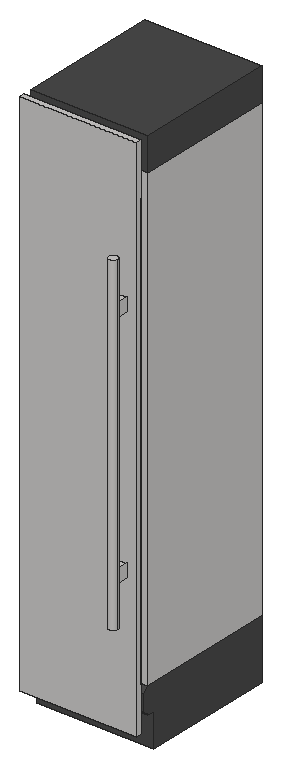
Revit family "M_Refrigerador", category Equipamento especial, Revit 2019
Family settings
  Cota do conector redondo = Utilizar diâmetro
  Tipo de parte = Normal
  Número OmniClass = 23.40.40.14
  Título OmniClass = Food Service Equipment
  Com base no plano de trabalho = Não
  Sempre na vertical = Sim
  Corte com vazios quando carregada = Não
  Compartilhado = Não
  Ponto de cálculo do ambiente = Não
Parameters (values of type "450mm LH")
  Largura = 450 mm
  Deslocamento de parede = 100 mm
  Voltagem = 120 V
  URL = ""
  Type Comments = ""
  Mostrar legenda = yes
  RH = no
  Consumo de energia = 1000 VA
  Model = ""
  Acabamento mecânico = Eletrodoméstico – Aço – Preto
  Manufacturer = ""
  Legenda = "Refrigerador"
  LH = not(RH)  # yes
  Keynote = ""
  Junta = Eletrodoméstico – Junta
  Altura = 2150 mm
  Linha de centro do puxador = if(RH, 50 mm, (Largura - 50 mm))  # 400 mm
  Descrição = "Refrigerador"
  Linear = 600 mm
  Custo = 0
  Código de montagem = "E1090320"
  Acabamento do eletrodoméstico = Eletrodoméstico – Aço inoxidável
  Amperagem = Consumo de energia / Voltagem  # 8.33333 A
Reference planes
  plane 1 "Parte posterior": y = 0
  plane 2: z = 0
  plane 3 "Centro (Esquerda/Direita)": x = 0
  plane 4 "Esquerda": x = -225
  plane 5 "Direita": x = 225
  plane 6: y = -100
  plane 7 "Parte frontal": y = -700
  plane 8 "Traseira da porta": y = -649.2
  plane 9 "Superior": z = 2150
  plane 10 "Porta B.O.": z = 101.6
  plane 11: z = 2023
  plane 12: x = 175
  plane 13: z = 1756.3
  plane 14: z = 482.6
  plane 15 "Porta interior inferior": z = 254
Forms (mm)
  Extrusion 1, solid, material "Eletrodoméstico – Aço inoxidável" <- "Acabamento do eletrodoméstico"
    sketch origin (0, 0, 0) x (1, 0, 0) y (0, 1, 0)
      loop
        line (-225, -100) -> (-225, -649.2) -> (225, -649.2) -> (225, -100) -> (-225, -100)
    from 254 to 2023
  Extrusion 2, solid, material "Eletrodoméstico – Aço inoxidável" <- "Acabamento do eletrodoméstico", detail levels fine
    sketch origin (0, -700, 0) x (-1, 0, 0) y (0, 0, 1)
      loop
        line (-165.475, 1603.9) -> (-184.525, 1603.9) -> (-184.525, 1553.1) -> (-165.475, 1553.1) -> (-165.475, 1603.9)
      loop
        line (-165.475, 685.8) -> (-184.525, 685.8) -> (-184.525, 635) -> (-165.475, 635) -> (-165.475, 685.8)
    from -42.559 to 0
  Extrusion 3, solid, material "Eletrodoméstico – Aço inoxidável" <- "Acabamento do eletrodoméstico", detail levels fine
    sketch origin (0, 0, 0) x (1, 0, 0) y (0, 1, 0)
      loop
        circle (175, -751.174) r 15.875
    from 482.6 to 1756.3
  Extrusion 4, solid, material "Eletrodoméstico – Aço inoxidável" <- "Acabamento do eletrodoméstico"
    sketch origin (0, -700, 0) x (-1, 0, 0) y (0, 0, 1)
      loop
        line (225, 2150) -> (-225, 2150) -> (-225, 101.6) -> (225, 101.6) -> (225, 2150)
    from 0 to 19.05
  Extrusion 5, solid, material "Eletrodoméstico – Aço – Preto" <- "Acabamento mecânico"
    sketch origin (0, 0, 0) x (0, 1, 0) y (0, 0, 1)
      loop
        line (-100, 254) -> (-649.2, 254) -> (-668.25, 234.95) -> (-668.25, 174.625) -> (-646.025, 152.4) -> (-617.45, 152.4) -> (-617.45, 25.4) -> (-100, 25.4) -> (-100, 254)
      loop
        line (-100, 2150) -> (-649.2, 2150) -> (-649.2, 2023) -> (-100, 2023) -> (-100, 2150)
    from -225 to 225
  Extrusion 6, solid, material "Eletrodoméstico – Junta" <- "Junta"
    sketch origin (0, 0, 254) x (-1, 0, 0) y (0, -1, 0)
      loop
        line (212.3, 680.95) -> (-212.3, 680.95) -> (-212.3, 676.188)
        arc (-212.3, 676.188) -> (-211.835, 675.065) -> (-210.713, 674.6) r 1.587
        line (-210.713, 674.6) -> (-207.538, 674.6)
        arc (-207.538, 674.6) -> (-206.415, 674.135) -> (-205.95, 673.013) r 1.587
        line (-205.95, 673.013) -> (-205.95, 657.138)
        arc (-205.95, 657.138) -> (-205.485, 656.015) -> (-204.363, 655.55) r 1.587
        line (-204.363, 655.55) -> (-199.6, 655.55)
        arc (-199.6, 655.55) -> (-202.775, 652.375) -> (-199.6, 649.2) r 3.175
        line (-199.6, 649.2) -> (199.6, 649.2)
        arc (199.6, 649.2) -> (202.775, 652.375) -> (199.6, 655.55) r 3.175
        line (199.6, 655.55) -> (204.362, 655.55)
        arc (204.362, 655.55) -> (205.485, 656.015) -> (205.95, 657.138) r 1.587
        line (205.95, 657.138) -> (205.95, 673.013)
        arc (205.95, 673.013) -> (206.415, 674.135) -> (207.537, 674.6) r 1.587
        line (207.537, 674.6) -> (210.712, 674.6)
        arc (210.712, 674.6) -> (211.835, 675.065) -> (212.3, 676.188) r 1.587
        line (212.3, 676.188) -> (212.3, 680.95)
    from 0 to 1769
Cuts and joins
  joined: Extrusion 2, Extrusion 3
Lines and regions (mm)
  Split face 1
    outline origin (-225, -100, 0) x (1, 0, 0) y (0, 0, -1)
      loop
        circle (225, -482.6) r 12.7
  Masking region 1
    outline origin (0, 0, 0) x (1, 0, 0) y (0, 1, 0)
      loop
        line (-225, -100) -> (-225, -700) -> (225, -700) -> (225, -100) -> (-225, -100)
  Masking region 2, detail levels fine
    outline origin (0, 0, 0) x (1, 0, 0) y (0, 1, 0)
      loop
        line (184.525, -738.474) -> (184.525, -700) -> (165.475, -700) -> (165.475, -738.474)
        arc (165.475, -738.474) -> (160.801, -744.075) -> (159.125, -751.174) r 15.875
        arc (159.125, -751.174) -> (175, -767.049) -> (190.875, -751.174) r 15.875
        arc (190.875, -751.174) -> (189.199, -744.075) -> (184.525, -738.474) r 15.875
  Split face 2
    outline origin (-225, -100, 0) x (1, 0, 0) y (0, 0, -1)
      loop
        circle (221.4, -1756.3) r 12.7
  symbolic lines, style "Eletrodomésticos – Giro da planta", visible <- "LH", detail levels medium+fine
    curve 1: arc (225, -700, 0) -> (93.198, -1018.198, 0) -> (-225, -1150, 0) r 450
    curve 2: line (-225, -700, 0) -> (-225, -1150, 0)
  symbolic lines, style "Eletrodomésticos – Giro da planta", visible <- "RH", detail levels medium+fine
    curve 3: arc (-225, -700, 0) -> (-93.198, -1018.198, 0) -> (225, -1150, 0) r 450
    curve 4: line (225, -1150, 0) -> (225, -700, 0)
  symbolic lines, style "Eletrodomésticos"
    curve 5: line (-225, -100, 0) -> (225, -100, 0)
    curve 6: line (-225, -700, 0) -> (-225, -100, 0)
    curve 7: line (225, -700, 0) -> (-225, -700, 0)
    curve 8: line (225, -100, 0) -> (225, -700, 0)
    curve 9: line (-225, -649.2, 0) -> (225, -649.2, 0)
  symbolic lines, style "Eletrodomésticos", detail levels fine
    curve 10: arc (190.875, -751.174, 0) -> (175, -735.299, 0) -> (159.125, -751.174, 0) r 15.875
    curve 11: arc (159.125, -751.174, 0) -> (175, -767.049, 0) -> (190.875, -751.174, 0) r 15.875
    curve 12: line (184.525, -738.474, 0) -> (184.525, -700, 0)
    curve 13: line (165.475, -700, 0) -> (165.475, -738.474, 0)
Dimensions and locks
  equal spacing: plane 4 "Esquerda", plane 3 "Centro (Esquerda/Direita)", plane 5 "Direita"
  "Largura": plane 4 "Esquerda" to plane 5 "Direita"
  "Linear": plane 6 to plane 7 "Parte frontal"
  "Deslocamento de parede": plane 1 "Parte posterior" to plane 6
  "Altura": plane 9 "Superior" to level
  plane 10 "Porta B.O." to level = 101.6 mm
  locked: plane 8 "Traseira da porta" to plane 7 "Parte frontal" at 50.8
  plane 9 "Superior" to plane 11 = 127 mm
  locked: plane 11 to plane 13 at 266.7
  locked: plane 14 to plane 10 "Porta B.O." at 381
  Extrusion 2 sketch curve to plane 12 to Extrusion 2 sketch curve = 9.525 mm locked, 9.525 mm locked  (x2)
  plane 13 to Extrusion 2 sketch curve to Extrusion 2 sketch curve = 152.4 mm locked, 50.8 mm locked
  Extrusion 2 sketch curve to Extrusion 2 sketch curve to plane 14 = 50.8 mm locked, 152.4 mm locked
  locked: plane 7 "Parte frontal" to Extrusion 3 sketch curve at 51.174
  "Linha de centro do puxador": plane 4 "Esquerda" to plane 12
  equal spacing: plane 6, nested 1, plane 8 "Traseira da porta"
  locked: plane 15 "Porta interior inferior" to level at 254
  Extrusion 5 sketch curve to plane 10 "Porta B.O." to Extrusion 5 sketch curve = 50.8 mm locked, 76.2 mm locked
  Extrusion 5 sketch curve to plane 8 "Traseira da porta" to Extrusion 5 sketch curve = 31.75 mm locked, 19.05 mm locked
  "Largura": radius of curve 3
  "Largura": radius of curve 1
  aligned and locked: plane 2 to level
  aligned and locked: Extrusion 1 sketch curve to plane 6
  aligned and locked: plane 4 "Esquerda" to Extrusion 1 sketch curve
  aligned and locked: plane 8 "Traseira da porta" to Extrusion 1 sketch curve
  aligned and locked: Extrusion 1 sketch curve to plane 5 "Direita"
  aligned and locked: plane 7 "Parte frontal" to Extrusion 2
  aligned and locked: plane 12 to Extrusion 3 sketch curve
  aligned and locked: Extrusion 3 to plane 14
  aligned and locked: plane 13 to Extrusion 3
  aligned and locked: plane 3 "Centro (Esquerda/Direita)" to Split face 1 sketch curve
  aligned and locked: plane 13 to cut or joined group of Extrusion 2, Extrusion 3
  aligned and locked: plane 4 "Esquerda" to Extrusion 4 sketch curve
  aligned and locked: Extrusion 4 sketch curve to plane 5 "Direita"
  aligned and locked: plane 10 "Porta B.O." to Extrusion 4 sketch curve
  aligned and locked: plane 3 "Centro (Esquerda/Direita)" to nested 1
  aligned and locked: Masking region 1 sketch curve to plane 5 "Direita"
  aligned and locked: Masking region 1 sketch curve to plane 6
  aligned and locked: plane 4 "Esquerda" to Masking region 1 sketch curve
  aligned and locked: plane 7 "Parte frontal" to Masking region 1 sketch curve
  aligned and locked: Masking region 2 sketch curve to cut or joined group of Extrusion 2, Extrusion 3  (x5)
  aligned and locked: Masking region 2 sketch curve to plane 7 "Parte frontal"
  aligned and locked: Extrusion 4 sketch curve to plane 9 "Superior"
  aligned and locked: plane 14 to Split face 1 sketch curve
  aligned and locked: Extrusion 1 to plane 15 "Porta interior inferior"
  aligned and locked: plane 6 to Extrusion 5 sketch curve  (x2)
  aligned and locked: plane 15 "Porta interior inferior" to Extrusion 5 sketch curve
  aligned and locked: plane 5 "Direita" to Extrusion 5
  aligned and locked: Extrusion 5 to plane 4 "Esquerda"
  aligned and locked: plane 11 to Extrusion 1
  aligned and locked: plane 9 "Superior" to Extrusion 5 sketch curve
  aligned and locked: Extrusion 5 sketch curve to Extrusion 1  (x2)
  aligned and locked: plane 11 to Extrusion 6
Automatic sketch dimensions
  Extrusion 5 sketch curve to plane 8 "Traseira da porta" = 0 mm
  plane 8 "Traseira da porta" to Extrusion 5 sketch curve = 3.175 mm
  Extrusion 5 sketch curve to Extrusion 5 sketch curve = 22.225 mm
  Extrusion 5 sketch curve to plane 15 "Porta interior inferior" = 19.05 mm
  Extrusion 6 sketch curve to plane 8 "Traseira da porta" = 0 mm
  Extrusion 6 sketch curve to plane 5 "Direita" = 12.7 mm
  Extrusion 6 sketch curve to Extrusion 6 sketch curve = 1.587 mm  (x4)
  Extrusion 6 sketch curve to Extrusion 6 sketch curve = 3.175 mm  (x2)
  Extrusion 6 sketch curve to plane 8 "Traseira da porta" = 7.937 mm
  Extrusion 6 sketch curve to Extrusion 6 sketch curve = 1.588 mm  (x2)
  Extrusion 6 sketch curve to Extrusion 6 sketch curve = 4.763 mm  (x3)
  Extrusion 6 sketch curve to plane 8 "Traseira da porta" = 3.175 mm
  plane 4 "Esquerda" to Extrusion 6 sketch curve = 25.4 mm
  Extrusion 6 sketch curve to Extrusion 6 sketch curve = 15.875 mm  (x2)
  Split face 2 sketch curve to Extrusion 1 = 228.6 mm
  Split face 2 sketch curve to Extrusion 1 = 266.7 mm
  curve 1 to plane 4 "Esquerda" = 0 mm
  curve 13 to plane 7 "Parte frontal" = 0 mm
  curve 11 to plane 12 = 0 mm
  curve 9 to plane 8 "Traseira da porta" = 0 mm
  curve 5 to plane 6 = 0 mm
  curve 11 to plane 7 "Parte frontal" = 51.174 mm
  curve 11 to plane 12 = 15.875 mm
  curve 13 to plane 12 = 9.525 mm
  plane 12 to curve 12 = 9.525 mm
  radius of Extrusion 3 sketch curve = 15.875 mm
  radius of Split face 1 sketch curve = 12.7 mm
  radius of Split face 2 sketch curve = 12.7 mm
Nested families
  nested 1: "Anotação de legenda de 2,5" at (0, -374.6, 0), visible <- "Mostrar legenda", type "Anotação de legenda de 2,5"
Connectors
  piping at (0, -101.6, 482.6), diameter 6.35
    settings: on Extrusion 1, index 2, connector inside diameter 609.6 mm, connector length 0 mm, flow factor 0, pipe flow 0.0 L/s, pressure drop 0.0 Pa, fitting loss kfactor 0, connector angle 0.00°, fixture units 1, engagement length 0 mm, angle of deflection 0.00°, flow configuration 3, flow direction 1, fitting loss method 0, system type 20, joint type 0, gender type 0, connector reference index -1, connector utility 0, adjustable connector no, is connector primary yes, connector description "Gelo – Suprimento de água"
  electrical at (-3.6, -100, 1756.3), driven by "Voltagem", driven by "Consumo de energia"
    settings: on Extrusion 1, index 3, voltage 120 V, apparent load 1000 VA, apparent load phase1 0 VA, apparent load phase2 0 VA, apparent load phase3 0 VA, power factor 1, load classification "Eletrodoméstico", number of poles 1, system type 30, power factor state 1, is connector primary yes, connector utility no, sub classification motor no, connector description "Potência do refrigerador"
Definition of nested family "Anotação de legenda de 2,5"
  Parameters
    Legenda = "Congelador 36 LH"
  Reference planes
    plane 1: y = 0
    plane 2: x = 0
  Text (mm)
    label "Legenda" at (0.095, -0.088, 0), shows "Legenda"
Types in the file's own list only (7): name | Largura | Mostrar legenda | RH | LH | Altura | Linha de centro do puxador | Custo | Amperagem
  450mm RH | 450 mm | Sim | Sim | Não | 2100 mm | 50 mm | 0.00 $ | 8.3 A
  600mm LH | 600 mm | Sim | Não | Sim | 2100 mm | 550 mm | 0.00 $ | 8.3 A
  600mm RH | 600 mm | Sim | Sim | Não | 2100 mm | 50 mm | 0.00 $ | 8.3 A
  750mm LH | 750 mm | Sim | Não | Sim | 2100 mm | 700 mm | 0.00 $ | 8.3 A
  750mm RH | 750 mm | Sim | Sim | Não | 2100 mm | 50 mm | 0.00 $ | 8.3 A
  900mm LH | 900 mm | Sim | Não | Sim | 2100 mm | 850 mm | 0.00 $ | 8.3 A
  900mm RH | 900 mm | Sim | Sim | Não | 2100 mm | 50 mm | 0.00 $ | 8.3 A
